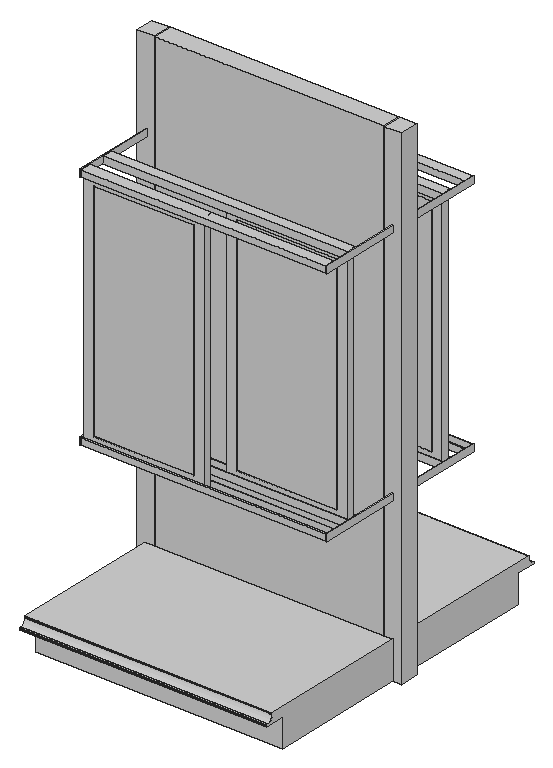
Revit family "PP", category Specialty Equipment, Revit 2012
Parameters (values of type "Maxi Line Starter (Default)")
  Width = 3' - 0"
  URL = "http://madixinc.com/display/maxiline/core.html"
  Model = "Maxi Line"
  Manufacturer = "© 2012 Madix, Inc. All rights reserved."
  "Back" Base Shelf [instance] = yes
  "Back" Front Peg Panel Frame [instance] = yes
  "Back" Back Peg Panel Frame [instance] = yes
  "Front" Front Peg Panel Frame [instance] = yes
  "Front" Back Peg Panel Frame [instance] = yes
  "Front" Shelf Depth = 1' - 10"
  "Back" Shelf Depth = 1' - 10"
  Upright Height = 6' - 0"
Reference planes (in)
  plane 1 "Center (Front/Back)": y = 0
  plane 2: z = 0
  plane 3 "Center (Left/Right)": x = 0
  plane 4: y = 1.375
  plane 5: y = -1.375
  plane 6: z = 72
  plane 7: z = 0
  plane 8 "1st shelf": z = 23.5
  plane 9 "2nd shelf": z = 41.5
  plane 10 "3rd shelf": z = 59.5
  plane 11 "4th shelf": z = 77.5
  plane 12: y = -24.25
  plane 13: x = -18
  plane 14: x = 18
  plane 15: x = -17.875
  plane 16: x = 17.875
  plane 17: z = 41.5
  plane 18: y = 24.25
  plane 19: y = 23.375
  plane 20: y = -23.375
  plane 21: y = -13.25
  plane 22: y = -13.125
  plane 23: y = -12
  plane 24: y = -12.125
  plane 25: z = 59.375
  plane 26: z = 58.5
  plane 27: y = -9.25
  plane 28: y = -9.125
  plane 29: y = -8
  plane 30: y = -8.125
  plane 31: y = -7.875
  plane 32: y = -9.375
Forms (in)
  Extrusion 1, solid, material "Metal - Steel"
    sketch origin (-24, 1.375, 0) x (1, 0, 0) y (0, 0, 1)
      loop
        line (6, 0) -> (7.25, 0) -> (42, 0) -> (43.25, 0) -> (43.25, 72) -> (40.75, 72) -> (40.75, 0.03125) -> (40.71924, 0.03125) -> (40.71924, 72) -> (7.2815, 72) -> (7.2815, 0.03125) -> (7.25, 0.03125) -> (7.25, 72) -> (4.75, 72) -> (4.75, 0) -> (6, 0)
    from 0 to 2.75
  Extrusion 2, solid, material "Metal - Steel"
    sketch origin (0, 0, 0) x (0, 1, 0) y (0, 0, 1)
      loop
        line (-1.375, 0) -> (-1.375, 5.5) -> (-23.375, 5.5) -> (-23.50139, 5.5) -> (-23.50139, 5.375) -> (-23.375, 5.375)
        arc (-23.375, 5.375) -> (-23.63696, 4.73714) -> (-24.125, 4.25) r 1.75
        line (-24.125, 4.25) -> (-24.125, 4.375) -> (-24.25, 4.375) -> (-24.25, 4.25) -> (-24.25, 4.125) -> (-21.375, 4.125) -> (-21.375, 0) -> (-1.375, 0)
    from -18 to 18
  Extrusion 3, solid, material "Metal - Steel", visible <- ""Back" Base Shelf"
    sketch origin (0, 0, 0) x (0, -1, 0) y (0, 0, -1)
      loop
        line (-1.375, 0) -> (-21.375, 0) -> (-21.375, -4.125) -> (-24.25, -4.125) -> (-24.25, -4.25) -> (-24.25, -4.375) -> (-24.125, -4.375) -> (-24.125, -4.25)
        arc (-24.125, -4.25) -> (-23.63696, -4.73714) -> (-23.375, -5.375) r 1.75
        line (-23.375, -5.375) -> (-23.50139, -5.375) -> (-23.50139, -5.5) -> (-23.375, -5.5) -> (-1.375, -5.5) -> (-1.375, 0)
    from -18 to 18
  Extrusion 4, solid, material "Metal - Steel", visible <- ""Front" Front Peg Panel Frame"
    sketch origin (0, 0, 0) x (0, 1, 0) y (0, 0, 1)
      loop
        line (-13.375, 23.5) -> (-11.875, 23.5) -> (-11.875, 24.5) -> (-12, 24.5) -> (-12, 23.625) -> (-13.25, 23.625) -> (-13.25, 24.5) -> (-13.375, 24.5) -> (-13.375, 23.5)
    from -17.875 to 17.875
  Extrusion 5, solid, material "Metal - Steel", visible <- ""Front" Front Peg Panel Frame"
    sketch origin (0, 0, 0) x (0, 1, 0) y (0, 0, 1)
      loop
        line (-1.375, 23.5) -> (-1.375, 24.5) -> (-13.375, 24.5) -> (-13.375, 23.5) -> (-1.375, 23.5)
    from -17.875 to -18
  Extrusion 6, solid, material "Metal - Steel", visible <- ""Front" Front Peg Panel Frame"
    sketch origin (0, 0, 0) x (0, 1, 0) y (0, 0, -1)
      loop
        line (-1.375, -23.5) -> (-13.375, -23.5) -> (-13.375, -24.5) -> (-1.375, -24.5) -> (-1.375, -23.5)
    from -18 to -17.875
  Extrusion 7, solid, material "Metal - Steel", visible <- ""Front" Front Peg Panel Frame"
    sketch origin (0, 0, 83) x (0, 1, 0) y (0, 0, 1)
      loop
        line (-13.375, -23.5) -> (-13.375, -24.5) -> (-13.25, -24.5) -> (-13.25, -23.625) -> (-12, -23.625) -> (-12, -24.5) -> (-11.875, -24.5) -> (-11.875, -23.5) -> (-13.375, -23.5)
    from -17.875 to 17.875
  Extrusion 8, solid, material "Metal - Steel", visible <- ""Front" Front Peg Panel Frame"
    sketch origin (0, 0, 83) x (0, 1, 0) y (0, 0, 1)
      loop
        line (-1.375, -23.5) -> (-13.375, -23.5) -> (-13.375, -24.5) -> (-1.375, -24.5) -> (-1.375, -23.5)
    from -18 to -17.875
  Extrusion 9, solid, material "Metal - Steel", visible <- ""Front" Front Peg Panel Frame"
    sketch origin (0, 0, 83) x (0, 1, 0) y (0, 0, -1)
      loop
        line (-1.375, 23.5) -> (-1.375, 24.5) -> (-13.375, 24.5) -> (-13.375, 23.5) -> (-1.375, 23.5)
    from -18 to -17.875
  Extrusion 10, solid, material "Metal - Steel", visible <- ""Front" Front Peg Panel Frame"
    sketch origin (0, 0, 0) x (1, 0, 0) y (0, 0, 1)
      loop
        line (-17.625, 23.625) -> (0, 23.625) -> (0, 59.375) -> (-17.625, 59.375) -> (-17.625, 23.625)
      loop
        line (-1.5, 57.875) -> (-16.125, 57.875) -> (-16.125, 25.125) -> (-1.5, 25.125) -> (-1.5, 57.875)
      loop
        line (-16.09375, 57.84375) -> (-16.09375, 25.15625) -> (-1.53125, 25.15625) -> (-1.53125, 57.84375) -> (-16.09375, 57.84375)
    from 12.125 to 13.125
  Extrusion 11, solid, material "Metal - Steel", visible <- ""Back" Front Peg Panel Frame"
    sketch origin (0, 0, 0) x (0, -1, 0) y (0, 0, -1)
      loop
        line (-13.375, -23.5) -> (-13.375, -24.5) -> (-13.25, -24.5) -> (-13.25, -23.625) -> (-12, -23.625) -> (-12, -24.5) -> (-11.875, -24.5) -> (-11.875, -23.5) -> (-13.375, -23.5)
    from -17.875 to 17.875
  Extrusion 12, solid, material "Metal - Steel", visible <- ""Back" Front Peg Panel Frame"
    sketch origin (0, 0, 0) x (0, -1, 0) y (0, 0, -1)
      loop
        line (-1.375, -23.5) -> (-13.375, -23.5) -> (-13.375, -24.5) -> (-1.375, -24.5) -> (-1.375, -23.5)
    from -18 to -17.875
  Extrusion 13, solid, material "Metal - Steel", visible <- ""Back" Front Peg Panel Frame"
    sketch origin (0, 0, 0) x (0, -1, 0) y (0, 0, 1)
      loop
        line (-1.375, 23.5) -> (-1.375, 24.5) -> (-13.375, 24.5) -> (-13.375, 23.5) -> (-1.375, 23.5)
    from -18 to -17.875
  Extrusion 14, solid, material "Metal - Steel", visible <- ""Back" Front Peg Panel Frame"
    sketch origin (0, 0, 83) x (0, -1, 0) y (0, 0, -1)
      loop
        line (-13.375, 23.5) -> (-11.875, 23.5) -> (-11.875, 24.5) -> (-12, 24.5) -> (-12, 23.625) -> (-13.25, 23.625) -> (-13.25, 24.5) -> (-13.375, 24.5) -> (-13.375, 23.5)
    from -17.875 to 17.875
  Extrusion 15, solid, material "Metal - Steel", visible <- ""Back" Front Peg Panel Frame"
    sketch origin (0, 0, 83) x (0, -1, 0) y (0, 0, -1)
      loop
        line (-1.375, 23.5) -> (-1.375, 24.5) -> (-13.375, 24.5) -> (-13.375, 23.5) -> (-1.375, 23.5)
    from -18 to -17.875
  Extrusion 16, solid, material "Metal - Steel", visible <- ""Back" Front Peg Panel Frame"
    sketch origin (0, 0, 83) x (0, -1, 0) y (0, 0, 1)
      loop
        line (-1.375, -23.5) -> (-13.375, -23.5) -> (-13.375, -24.5) -> (-1.375, -24.5) -> (-1.375, -23.5)
    from -18 to -17.875
  Extrusion 17, solid, material "Metal - Steel", visible <- ""Back" Front Peg Panel Frame"
    sketch origin (0, 0, 0) x (1, 0, 0) y (0, 0, -1)
      loop
        line (-17.625, -23.625) -> (-17.625, -59.375) -> (0, -59.375) -> (0, -23.625) -> (-17.625, -23.625)
      loop
        line (-1.5, -57.875) -> (-1.5, -25.125) -> (-16.125, -25.125) -> (-16.125, -57.875) -> (-1.5, -57.875)
      loop
        line (-16.09375, -57.84375) -> (-1.53125, -57.84375) -> (-1.53125, -25.15625) -> (-16.09375, -25.15625) -> (-16.09375, -57.84375)
    from 12.125 to 13.125
  Extrusion 18, solid, material "Metal - Steel", visible <- ""Front" Back Peg Panel Frame"
    sketch origin (0, 0, 0) x (0, 1, 0) y (0, 0, -1)
      loop
        line (-9.375, -23.5) -> (-9.375, -24.5) -> (-9.25, -24.5) -> (-9.25, -23.625) -> (-8, -23.625) -> (-8, -24.5) -> (-7.875, -24.5) -> (-7.875, -23.5) -> (-9.375, -23.5)
    from -17.875 to 17.875
  Extrusion 19, solid, material "Metal - Steel", visible <- ""Front" Back Peg Panel Frame"
    sketch origin (0, 0, 83) x (0, 1, 0) y (0, 0, -1)
      loop
        line (-9.375, 23.5) -> (-7.875, 23.5) -> (-7.875, 24.5) -> (-8, 24.5) -> (-8, 23.625) -> (-9.25, 23.625) -> (-9.25, 24.5) -> (-9.375, 24.5) -> (-9.375, 23.5)
    from -17.875 to 17.875
  Extrusion 20, solid, material "Metal - Steel", visible <- ""Front" Back Peg Panel Frame"
    sketch origin (0, 0, 0) x (-1, 0, 0) y (0, 0, -1)
      loop
        line (-17.625, -23.625) -> (-17.625, -59.375) -> (0, -59.375) -> (0, -23.625) -> (-17.625, -23.625)
      loop
        line (-1.5, -57.875) -> (-1.5, -25.125) -> (-16.125, -25.125) -> (-16.125, -57.875) -> (-1.5, -57.875)
      loop
        line (-16.09375, -57.84375) -> (-1.53125, -57.84375) -> (-1.53125, -25.15625) -> (-16.09375, -25.15625) -> (-16.09375, -57.84375)
    from 8.125 to 9.125
  Extrusion 21, solid, material "Metal - Steel", visible <- ""Back" Back Peg Panel Frame"
    sketch origin (0, 0, 0) x (0, -1, 0) y (0, 0, 1)
      loop
        line (-9.375, 23.5) -> (-7.875, 23.5) -> (-7.875, 24.5) -> (-8, 24.5) -> (-8, 23.625) -> (-9.25, 23.625) -> (-9.25, 24.5) -> (-9.375, 24.5) -> (-9.375, 23.5)
    from -17.875 to 17.875
  Extrusion 22, solid, material "Metal - Steel", visible <- ""Back" Back Peg Panel Frame"
    sketch origin (0, 0, 83) x (0, -1, 0) y (0, 0, 1)
      loop
        line (-9.375, -23.5) -> (-9.375, -24.5) -> (-9.25, -24.5) -> (-9.25, -23.625) -> (-8, -23.625) -> (-8, -24.5) -> (-7.875, -24.5) -> (-7.875, -23.5) -> (-9.375, -23.5)
    from -17.875 to 17.875
  Extrusion 23, solid, material "Metal - Steel", visible <- ""Back" Back Peg Panel Frame"
    sketch origin (0, 0, 0) x (-1, 0, 0) y (0, 0, 1)
      loop
        line (-17.625, 23.625) -> (0, 23.625) -> (0, 59.375) -> (-17.625, 59.375) -> (-17.625, 23.625)
      loop
        line (-1.5, 57.875) -> (-16.125, 57.875) -> (-16.125, 25.125) -> (-1.5, 25.125) -> (-1.5, 57.875)
      loop
        line (-16.09375, 57.84375) -> (-16.09375, 25.15625) -> (-1.53125, 25.15625) -> (-1.53125, 57.84375) -> (-16.09375, 57.84375)
    from 8.125 to 9.125
Lines and regions (in)
  Split face 1
    outline origin (-24, -1.375, 0) x (1, 0, 0) y (0, 0, 1)
      loop
        line (7.2815, 72) -> (7.2815, 0.03125) -> (40.71924, 0.03125) -> (40.71924, 72)
  Split face 2
    outline origin (-24, 1.375, 0) x (1, 0, 0) y (0, 0, 1)
      loop
        line (40.71924, 72) -> (40.71924, 0.03125) -> (7.2815, 0.03125) -> (7.2815, 72)
  model lines
    curve 1: line (-17.875, 0, 0) -> (18, 0, 0)
Dimensions and locks (in)
  "Upright Height": plane 6 to level
  ""Front" Shelf Depth": plane 20 to plane 5
  equal spacing: plane 13, plane 3 "Center (Left/Right)", plane 14
  "Width": plane 13 to plane 14
  locked: plane 13 to plane 15 at 0.125
  locked: plane 16 to plane 14 at 0.125
  ""Back" Shelf Depth": plane 4 to plane 19
  locked: plane 19 to plane 18 at 0.875
  locked: plane 20 to plane 12 at 0.875
  plane 26 to plane 25 to plane 10 "3rd shelf" to plane 6 = 0' - 0 7/8" locked, 0' - 0 1/8" locked, 1' - 0 1/2" locked
  aligned and locked: level to plane 2
  aligned and locked: plane 12 to Extrusion 2
  aligned and locked: Extrusion 2 to plane 5
  aligned and locked: plane 13 to Extrusion 2
  aligned and locked: plane 14 to Extrusion 2
  aligned and locked: curve 1 to Extrusion 3
  aligned and locked: Extrusion 3 to Extrusion 2
  aligned and locked: Extrusion 2 to Extrusion 3
  aligned and locked: plane 13 to Extrusion 3
  aligned and locked: Extrusion 3 to plane 18
  aligned and locked: Extrusion 1 to plane 6  (x2)
  aligned and locked: plane 19 to Extrusion 3
  aligned and locked: plane 20 to Extrusion 2
  aligned and locked: Extrusion 4 to plane 16
  aligned and locked: Extrusion 4 to plane 15
  aligned and locked: plane 16 to Extrusion 6
  aligned and locked: Extrusion 2 to Extrusion 6
  aligned and locked: plane 25 to Extrusion 10
  aligned and locked: plane 26 to Extrusion 8
  aligned and locked: plane 16 to Extrusion 16
  aligned and locked: plane 16 to Extrusion 13
  aligned and locked: Extrusion 22 to plane 16
  aligned and locked: Extrusion 22 to plane 15
  aligned and locked: Extrusion 15 to Extrusion 2
  aligned and locked: plane 15 to Extrusion 15
  aligned and locked: Extrusion 12 to Extrusion 2
  aligned and locked: plane 15 to Extrusion 12
  aligned and locked: Extrusion 21 to plane 15
  aligned and locked: Extrusion 14 to plane 15
  aligned and locked: Extrusion 11 to plane 15
  aligned and locked: Extrusion 11 to plane 16
  aligned and locked: Extrusion 14 to plane 16
  aligned and locked: Extrusion 21 to plane 16
  aligned and locked: Extrusion 9 to curve 1
  aligned and locked: plane 16 to Extrusion 9
  aligned and locked: Extrusion 19 to plane 16
  aligned and locked: Extrusion 19 to plane 15
  aligned and locked: Extrusion 18 to plane 16
  aligned and locked: Extrusion 7 to plane 16
  aligned and locked: Extrusion 8 to Extrusion 2
  aligned and locked: plane 15 to Extrusion 8
  aligned and locked: Extrusion 5 to Extrusion 2
  aligned and locked: plane 15 to Extrusion 5
  aligned and locked: Extrusion 7 to plane 15
  aligned and locked: Extrusion 16 to plane 14
  aligned and locked: Extrusion 13 to plane 14
  aligned and locked: curve 1 to Extrusion 18
Automatic sketch dimensions
  plane 1 "Center (Front/Back)" to curve 1 = 0' - 0"
  Extrusion 1 sketch curve to level = 0' - 0"
  Extrusion 1 sketch curve to plane 6 = 0' - 0"  (x3)
  plane 13 to Extrusion 1 sketch curve = 0' - 0"
  plane 14 to Extrusion 1 sketch curve = 0' - 0"
  plane 13 to Extrusion 1 sketch curve = 0' - 1 1/4"
  plane 15 to Extrusion 1 sketch curve = 0' - 1 1/8"  (x2)
  Extrusion 1 sketch curve to Extrusion 1 sketch curve = 0' - 0.0315"
  plane 16 to Extrusion 1 sketch curve = 0' - 1.15576"
  Extrusion 1 sketch curve to Extrusion 1 sketch curve = 0' - 0.03076"
  Extrusion 1 sketch curve to plane 14 = 0' - 1 1/4"
  level to Extrusion 1 sketch curve = 0' - 0 1/32"  (x2)
  Extrusion 2 sketch curve to plane 12 = 0' - 0"
  Extrusion 2 sketch curve to plane 20 = 0' - 0"  (x2)
  Extrusion 2 sketch curve to level = 0' - 0"
  Extrusion 2 sketch curve to plane 5 = 0' - 0"
  Extrusion 2 sketch curve to plane 12 = 0' - 0.84305"
  Extrusion 2 sketch curve to Extrusion 2 sketch curve = 0' - 0 1/8"  (x5)
  Extrusion 2 sketch curve to plane 20 = 0' - 0.12639"
  plane 20 to Extrusion 2 sketch curve = 0' - 2"
  level to Extrusion 2 sketch curve = 0' - 4 1/8"
  Extrusion 2 sketch curve to Extrusion 2 sketch curve = 0' - 1"
  Split face 1 sketch curve to Extrusion 1 = 0' - 0"  (x4)
  Extrusion 1 to Split face 1 sketch curve = 0' - 0"
  Extrusion 3 sketch curve to plane 18 = 0' - 0"
  Extrusion 3 sketch curve to plane 19 = 0' - 0"  (x2)
  Extrusion 3 sketch curve to level = 0' - 0"
  Extrusion 3 sketch curve to plane 4 = 0' - 0"
  plane 18 to Extrusion 3 sketch curve = 0' - 0.84305"
  Extrusion 3 sketch curve to plane 18 = 0' - 0 1/8"
  plane 19 to Extrusion 3 sketch curve = 0' - 0.12639"
  Extrusion 3 sketch curve to plane 19 = 0' - 2"
  Extrusion 3 sketch curve to level = 0' - 4 1/8"
  Extrusion 3 sketch curve to Extrusion 3 sketch curve = 0' - 0 1/8"  (x3)
  Extrusion 3 sketch curve to Extrusion 3 sketch curve = 0' - 0"
  Extrusion 3 sketch curve to Extrusion 3 sketch curve = 0' - 1"
  Split face 2 sketch curve to Extrusion 1 = 0' - 0"  (x4)
  Extrusion 1 to Split face 2 sketch curve = 0' - 0"
  Extrusion 4 sketch curve to plane 8 "1st shelf" = 0' - 0"
  Extrusion 4 sketch curve to plane 21 = 0' - 0"
  Extrusion 4 sketch curve to plane 23 = 0' - 0"
  Extrusion 4 sketch curve to plane 21 = 0' - 0 1/8"
  plane 23 to Extrusion 4 sketch curve = 0' - 0 1/8"
  plane 8 "1st shelf" to Extrusion 4 sketch curve = 0' - 0 1/8"
  Extrusion 4 sketch curve to Extrusion 4 sketch curve = 0' - 0 7/8"  (x2)
  Extrusion 5 sketch curve to plane 8 "1st shelf" = 0' - 0"
  Extrusion 5 sketch curve to plane 5 = 0' - 0"
  Extrusion 5 sketch curve to plane 21 = 0' - 0 1/8"
  Extrusion 5 sketch curve to Extrusion 5 sketch curve = 0' - 1"
  Extrusion 6 sketch curve to plane 8 "1st shelf" = 0' - 0"
  Extrusion 6 sketch curve to plane 5 = 0' - 0"
  Extrusion 6 sketch curve to plane 21 = 0' - 0 1/8"
  Extrusion 6 sketch curve to Extrusion 6 sketch curve = 0' - 1"
  Extrusion 7 sketch curve to plane 26 = 0' - 0"  (x2)
  Extrusion 7 sketch curve to plane 10 "3rd shelf" = 0' - 0"
  Extrusion 7 sketch curve to plane 21 = 0' - 0"
  Extrusion 7 sketch curve to plane 23 = 0' - 0"
  plane 25 to Extrusion 7 sketch curve = 0' - 0"
  plane 21 to Extrusion 7 sketch curve = 0' - 0 1/8"
  Extrusion 7 sketch curve to plane 23 = 0' - 0 1/8"
  Extrusion 8 sketch curve to plane 10 "3rd shelf" = 0' - 0"
  Extrusion 8 sketch curve to plane 26 = 0' - 0"
  Extrusion 8 sketch curve to plane 5 = 0' - 0"
  plane 21 to Extrusion 8 sketch curve = 0' - 0 1/8"
  Extrusion 9 sketch curve to plane 10 "3rd shelf" = 0' - 0"
  Extrusion 9 sketch curve to plane 26 = 0' - 0"
  Extrusion 9 sketch curve to plane 5 = 0' - 0"
  Extrusion 9 sketch curve to plane 21 = 0' - 0 1/8"
  Extrusion 10 sketch curve to plane 25 = 0' - 0"
  Extrusion 10 sketch curve to plane 3 "Center (Left/Right)" = 0' - 0"
  Extrusion 10 sketch curve to plane 26 = 0' - 0 5/8"
  Extrusion 10 sketch curve to plane 3 "Center (Left/Right)" = 0' - 1 1/2"
  Extrusion 10 sketch curve to Extrusion 10 sketch curve = 0' - 0 1/32"  (x4)
  plane 15 to Extrusion 10 sketch curve = 0' - 1 25/32"
  plane 8 "1st shelf" to Extrusion 10 sketch curve = 0' - 0 1/8"
  plane 15 to Extrusion 10 sketch curve = 0' - 0 1/4"
  plane 8 "1st shelf" to Extrusion 10 sketch curve = 0' - 1 5/8"
  Extrusion 11 sketch curve to plane 8 "1st shelf" = 0' - 0"
  Extrusion 11 sketch curve to plane 8 "1st shelf" = 0' - 1"
  Extrusion 11 sketch curve to plane 19 = 0' - 10"
  Extrusion 11 sketch curve to Extrusion 11 sketch curve = 0' - 0 1/8"  (x2)
  Extrusion 11 sketch curve to Extrusion 11 sketch curve = 0' - 1 1/4"
  Extrusion 11 sketch curve to plane 8 "1st shelf" = 0' - 0 1/8"
  Extrusion 11 sketch curve to Extrusion 11 sketch curve = 0' - 0 7/8"
  Extrusion 12 sketch curve to plane 8 "1st shelf" = 0' - 0"
  Extrusion 12 sketch curve to plane 4 = 0' - 0"
  Extrusion 12 sketch curve to plane 8 "1st shelf" = 0' - 1"
  Extrusion 12 sketch curve to plane 19 = 0' - 10"
  Extrusion 13 sketch curve to plane 8 "1st shelf" = 0' - 0"
  Extrusion 13 sketch curve to plane 4 = 0' - 0"
  plane 8 "1st shelf" to Extrusion 13 sketch curve = 0' - 1"
  plane 19 to Extrusion 13 sketch curve = 0' - 10"
  plane 26 to Extrusion 14 sketch curve = 0' - 0"  (x2)
  Extrusion 14 sketch curve to plane 10 "3rd shelf" = 0' - 0"
  plane 25 to Extrusion 14 sketch curve = 0' - 0"
  plane 19 to Extrusion 14 sketch curve = 0' - 10"
  Extrusion 14 sketch curve to Extrusion 14 sketch curve = 0' - 0 1/8"  (x2)
  Extrusion 14 sketch curve to Extrusion 14 sketch curve = 0' - 1 1/4"
  Extrusion 15 sketch curve to plane 10 "3rd shelf" = 0' - 0"
  plane 26 to Extrusion 15 sketch curve = 0' - 0"
  Extrusion 15 sketch curve to plane 4 = 0' - 0"
  plane 19 to Extrusion 15 sketch curve = 0' - 10"
  Extrusion 16 sketch curve to plane 10 "3rd shelf" = 0' - 0"
  Extrusion 16 sketch curve to plane 26 = 0' - 0"
  Extrusion 16 sketch curve to plane 4 = 0' - 0"
  plane 19 to Extrusion 16 sketch curve = 0' - 10"
  Extrusion 17 sketch curve to plane 25 = 0' - 0"
  Extrusion 17 sketch curve to plane 3 "Center (Left/Right)" = 0' - 0"
  Extrusion 17 sketch curve to plane 26 = 0' - 0 5/8"
  Extrusion 17 sketch curve to plane 3 "Center (Left/Right)" = 0' - 1 1/2"
  Extrusion 17 sketch curve to Extrusion 17 sketch curve = 0' - 0 1/32"  (x4)
  plane 15 to Extrusion 17 sketch curve = 0' - 1 25/32"
  plane 8 "1st shelf" to Extrusion 17 sketch curve = 0' - 0 1/8"
  plane 15 to Extrusion 17 sketch curve = 0' - 0 1/4"
  plane 8 "1st shelf" to Extrusion 17 sketch curve = 0' - 1 21/32"
  Extrusion 18 sketch curve to plane 32 = 0' - 0"
  Extrusion 18 sketch curve to plane 27 = 0' - 0"
  Extrusion 18 sketch curve to plane 29 = 0' - 0"
  Extrusion 18 sketch curve to plane 8 "1st shelf" = 0' - 0"
  Extrusion 18 sketch curve to plane 31 = 0' - 0"
  plane 8 "1st shelf" to Extrusion 18 sketch curve = 0' - 0 1/8"
  Extrusion 18 sketch curve to Extrusion 18 sketch curve = 0' - 0 7/8"  (x2)
  Extrusion 19 sketch curve to plane 26 = 0' - 0"  (x2)
  Extrusion 19 sketch curve to plane 32 = 0' - 0"
  Extrusion 19 sketch curve to plane 27 = 0' - 0"
  Extrusion 19 sketch curve to plane 29 = 0' - 0"
  Extrusion 19 sketch curve to plane 10 "3rd shelf" = 0' - 0"
  Extrusion 19 sketch curve to plane 31 = 0' - 0"
  Extrusion 19 sketch curve to plane 25 = 0' - 0"
  Extrusion 20 sketch curve to plane 25 = 0' - 0"
  Extrusion 20 sketch curve to plane 3 "Center (Left/Right)" = 0' - 0"
  plane 26 to Extrusion 20 sketch curve = 0' - 0 5/8"
  Extrusion 20 sketch curve to plane 3 "Center (Left/Right)" = 0' - 1 1/2"
  Extrusion 20 sketch curve to Extrusion 20 sketch curve = 0' - 0 1/32"  (x4)
  Extrusion 20 sketch curve to plane 16 = 0' - 1 25/32"
  Extrusion 20 sketch curve to plane 8 "1st shelf" = 0' - 0 1/8"
  Extrusion 20 sketch curve to plane 16 = 0' - 0 1/4"
  Extrusion 20 sketch curve to plane 8 "1st shelf" = 0' - 1 5/8"
  Extrusion 21 sketch curve to plane 8 "1st shelf" = 0' - 0"
  plane 8 "1st shelf" to Extrusion 21 sketch curve = 0' - 1"
  plane 4 to Extrusion 21 sketch curve = 0' - 8"
  Extrusion 21 sketch curve to Extrusion 21 sketch curve = 0' - 0 1/8"  (x2)
  Extrusion 21 sketch curve to Extrusion 21 sketch curve = 0' - 1 1/4"
  plane 8 "1st shelf" to Extrusion 21 sketch curve = 0' - 0 1/8"
  Extrusion 21 sketch curve to Extrusion 21 sketch curve = 0' - 0 7/8"
  Extrusion 22 sketch curve to plane 26 = 0' - 0"  (x2)
  Extrusion 22 sketch curve to plane 10 "3rd shelf" = 0' - 0"
  Extrusion 22 sketch curve to plane 25 = 0' - 0"
  plane 4 to Extrusion 22 sketch curve = 0' - 8"
  Extrusion 22 sketch curve to Extrusion 22 sketch curve = 0' - 0 1/8"  (x2)
  Extrusion 22 sketch curve to Extrusion 22 sketch curve = 0' - 1 1/4"
  Extrusion 23 sketch curve to plane 25 = 0' - 0"
  Extrusion 23 sketch curve to plane 3 "Center (Left/Right)" = 0' - 0"
  Extrusion 23 sketch curve to plane 26 = 0' - 0 5/8"
  plane 3 "Center (Left/Right)" to Extrusion 23 sketch curve = 0' - 1 1/2"
  Extrusion 23 sketch curve to Extrusion 23 sketch curve = 0' - 0 1/32"  (x4)
  plane 16 to Extrusion 23 sketch curve = 0' - 1 25/32"
  plane 8 "1st shelf" to Extrusion 23 sketch curve = 0' - 0 1/8"
  plane 16 to Extrusion 23 sketch curve = 0' - 0 1/4"
  plane 8 "1st shelf" to Extrusion 23 sketch curve = 0' - 1 5/8"
